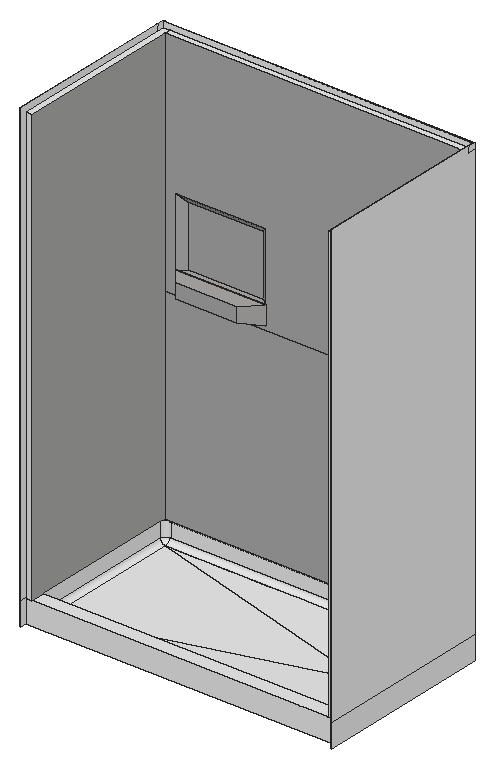
Revit family "5LBS5430.V2 L-R", category Plumbing Fixtures, Revit 2019
Family settings
  Round Connector Dimension = Use Diameter
  Part Type = Normal
  OmniClass Number = 23.45.05.14.17
  OmniClass Title = Showers
  Work Plane-Based = No
  Always vertical = Yes
  Cut with Voids When Loaded = No
  Shared = No
  Room Calculation Point = No
Parameters (values of type "5LBS5430.V2 L/R")
  Unit Width = 54"
  Unit Height = 80 1/2"
  Unit Depth = 31"
  URL = "http://www.bestbath.com/"
  Type Comments = "Remodeler"
  Model = "5LBS5430.V2 L/R"
  Material [instance] = Best Bath Gelcoat Fiberglass - 4 x 8 Subway Tile
  Manufacturer = "Best Bath Systems"
  Keynote = "22 40 00.B3"
  Description = "4 x 8 Subway Tile Finish"
  Assembly Code = "D2010710"
Reference planes (in)
  plane 1 "Back": y = -0.5
  plane 2: z = 0
  plane 3 "Left": x = 0
  plane 4: x = 54
  plane 5: y = -30.5
  plane 6: z = 79.5
  plane 7: z = 0.625
  plane 8: z = 80.5
  plane 9: x = 45.5
  plane 10: y = -1.75
  plane 11: y = -14.5
  plane 12: z = 0.25
  plane 13: z = 4
  plane 14: y = -31.5
  plane 15: z = 39.5
  plane 16: z = 43.5
Forms (in)
  Extrusion 1, solid, material "Best Bath Gelcoat Fiberglass - Smooth"
    sketch origin (0, 0, 0) x (1, 0, 0) y (0, 1, 0)
      loop
        line (0, -0.5) -> (0, -30.5) -> (54, -30.5) -> (54, -0.5) -> (0, -0.5)
      loop
        circle (45.5, -14.5) r 2.0625
    from 0 to 0.625
  Extrusion 2, solid, material "Best Bath Gelcoat Fiberglass - Smooth"
    sketch origin (0, 0, 0) x (1, 0, 0) y (0, 1, 0)
      loop
        line (1.25, -0.5) -> (1.25, -1.75) -> (52.75, -1.75) -> (52.75, -0.5) -> (1.25, -0.5)
    from 39.5 to 79.5
  Extrusion 3, solid, material "Best Bath Gelcoat Fiberglass - Smooth"
    sketch origin (0, 0, 0) x (1, 0, 0) y (0, 1, 0)
      loop
        line (0, -30.5) -> (1.25, -30.5) -> (1.25, -2.75)
        arc (1.25, -2.75) -> (1.54289, -2.04289) -> (2.25, -1.75) r 1
        line (2.25, -1.75) -> (51.75, -1.75)
        arc (51.75, -1.75) -> (52.45711, -2.04289) -> (52.75, -2.75) r 1
        line (52.75, -2.75) -> (52.75, -30.5) -> (54, -30.5) -> (54, -0.5) -> (0, -0.5) -> (0, -30.5)
    from 0 to 4
  Extrusion 4, solid, material "Best Bath Gelcoat Fiberglass - Smooth"
    sketch origin (0, 0, 0) x (1, 0, 0) y (0, 1, 0)
      loop
        line (0, -30.5) -> (1.25, -30.5) -> (1.25, -0.5) -> (0, -0.5) -> (0, -30.5)
      loop
        line (52.75, -30.5) -> (54, -30.5) -> (54, -0.5) -> (52.75, -0.5) -> (52.75, -30.5)
    from 4 to 79.5
  Sweep 5, solid, material "Best Bath Gelcoat Fiberglass - Smooth"
    path origin (0, 0, 0) x (1, 0, 0) y (0, 1, 0)
      loop
        line (1.25, -30.5) -> (1.25, -2.75)
        arc (1.25, -2.75) -> (1.54289, -2.04289) -> (2.25, -1.75) r 1
        line (2.25, -1.75) -> (51.75, -1.75)
        arc (51.75, -1.75) -> (52.45711, -2.04289) -> (52.75, -2.75) r 1
        line (52.75, -2.75) -> (52.75, -30.5)
    profile origin (1.25, -16.625, 0) x (-1, 0, 0) y (0, 0, 1)
      loop
        line (0, 0.625) -> (0, 1.525)
        arc (0, 1.525) -> (-0.2636, 0.8886) -> (-0.9, 0.625) r 0.9
        line (-0.9, 0.625) -> (0, 0.625)
  Blend 6, void
    base sketch origin (0, 0, 0) x (1, 0, 0) y (0, 1, 0)
      loop
        line (2.25, -27.5) -> (51.75, -27.5) -> (51.75, -2.75) -> (2.25, -2.75) -> (2.25, -27.5)
    top sketch origin (0, 0, 0) x (1, 0, 0) y (0, 1, 0)
      loop
        circle (45.5, -14.5) r 0.05278
    from 0.625 to 0.25
  Sweep 7, solid, material "Best Bath Gelcoat Fiberglass - Smooth"
    path origin (0, 0, 0) x (1, 0, 0) y (0, 1, 0)
      loop
        line (1.25, -30.5) -> (52.75, -30.5)
    profile origin (27, -30.5, 0) x (0, 1, 0) y (0, 0, 1)
      loop
        line (0, 0) -> (3.11628, 0) -> (2.37209, 4) -> (0, 4) -> (0, 0)
  Extrusion 8, solid, material "Best Bath Gelcoat Fiberglass - Smooth"
    sketch origin (0, 0, 0) x (1, 0, 0) y (0, 1, 0)
      loop
        line (0, -30.5) -> (0, -31.5) -> (0.125, -31.5) -> (0.125, -30.5) -> (0, -30.5)
      loop
        line (54, -30.5) -> (53.875, -30.5) -> (53.875, -31.5) -> (54, -31.5) -> (54, -30.5)
    from 0 to 4
  Extrusion 9, solid, material "Best Bath Gelcoat Fiberglass - Smooth"
    sketch origin (0, 0, 0) x (1, 0, 0) y (0, 1, 0)
      loop
        line (0, -0.5) -> (0, -1.75) -> (0.125, -1.75) -> (0.125, -0.625) -> (53.875, -0.625) -> (53.875, -1.75) -> (54, -1.75) -> (54, -0.5) -> (0, -0.5)
    from 79.5 to 80.5
  Extrusion 10, solid, material "Best Bath Gelcoat Fiberglass - Smooth"
    sketch origin (0, 0, 0) x (1, 0, 0) y (0, 1, 0)
      loop
        line (0, -31.5) -> (0.125, -31.5) -> (0.125, -1.75) -> (0, -1.75) -> (0, -31.5)
      loop
        line (54, -31.5) -> (54, -1.75) -> (53.875, -1.75) -> (53.875, -31.5) -> (54, -31.5)
    from 4 to 80.5
  Blend 11, void
    base sketch origin (-5, -38.5, 1.75) x (1, 0, 0) y (0, 0, 1)
      loop
        line (55.75, 41.75) -> (55.75, 53.5) -> (40.25, 53.5) -> (40.25, 41.75) -> (55.75, 41.75)
    top sketch origin (-5, -38.5, 1.75) x (1, 0, 0) y (0, 0, 1)
      loop
        line (54.5, 41.75) -> (54.5, 52.25) -> (41.5, 52.25) -> (41.5, 41.75) -> (54.5, 41.75)
    from -36.75 to -37.75
  Blend 12, solid, material "Best Bath Gelcoat Fiberglass - Smooth"
    base sketch origin (-5, -38, 1.75) x (1, 0, 0) y (0, 0, 1)
      loop
        line (40.25, 41.75) -> (40.25, 38.375) -> (55.75, 38.375) -> (55.75, 41.75) -> (40.25, 41.75)
    top sketch origin (-5, -38, 1.75) x (1, 0, 0) y (0, 0, 1)
      loop
        line (53.25, 41.75) -> (42.75, 41.75) -> (42.75, 39.375) -> (53.25, 39.375) -> (53.25, 41.75)
    from -36.25 to -33.25
  Blend 13, void
    base sketch origin (-37, -38.5, 1.75) x (1, 0, 0) y (0, 0, 1)
      loop
        line (40.25, 41.75) -> (55.75, 41.75) -> (55.75, 53.5) -> (40.25, 53.5) -> (40.25, 41.75)
    top sketch origin (-37, -38.5, 1.75) x (1, 0, 0) y (0, 0, 1)
      loop
        line (41.5, 41.75) -> (54.5, 41.75) -> (54.5, 52.25) -> (41.5, 52.25) -> (41.5, 41.75)
    from -36.75 to -37.75
  Blend 14, solid, material "Best Bath Gelcoat Fiberglass - Smooth"
    base sketch origin (-37, -38, 1.75) x (1, 0, 0) y (0, 0, 1)
      loop
        line (55.75, 41.75) -> (40.25, 41.75) -> (40.25, 38.375) -> (55.75, 38.375) -> (55.75, 41.75)
    top sketch origin (-37, -38, 1.75) x (1, 0, 0) y (0, 0, 1)
      loop
        line (42.62431, 41.75) -> (42.62431, 39.375) -> (53.25, 39.375) -> (53.25, 41.75) -> (42.62431, 41.75)
    from -36.25 to -33.25
  Extrusion 15, solid, material "Best Bath Gelcoat Fiberglass - Smooth"
    sketch origin (0, 0, 0) x (1, 0, 0) y (0, 1, 0)
      loop
        line (1.25, -0.5) -> (1.25, -1.75) -> (52.75, -1.75) -> (52.75, -0.5) -> (1.25, -0.5)
    from 4 to 39.5
Cuts and joins
  Blend 6 cuts Extrusion 1
  Blend 6 cuts Extrusion 3
  Blend 6 cuts Sweep 5
  joined: Extrusion 1, Extrusion 3, Sweep 5, Sweep 7, Extrusion 8
  Blend 11, Blend 13 cuts Extrusion 2
  Blend 11, Blend 13 cuts Extrusion 9
  joined: Extrusion 2, Extrusion 9
  Blend 11 cuts Extrusion 4
  Blend 11 cuts Extrusion 10
  joined: Extrusion 4, Extrusion 10
Dimensions and locks (in)
  "Unit Width": plane 3 "Left" to plane 4
  locked: plane 7 to level at 0.625
  locked: plane 8 to plane 6 at 1
  "Unit Height": plane 8 to level
  locked: plane 1 "Back" to plane 11 at 14
  plane 10 to plane 1 "Back" = 1 1/4"
  locked: plane 7 to plane 12 at 0.375
  plane 13 to level = 4"
  locked: plane 5 to plane 14 at 1
  "Unit Depth": plane 14 to plane 1 "Back"
  plane 3 "Left" to plane 9 = 45 1/2"
  plane 9 to plane 4 = 8 1/2"
  Blend 14 to Blend 12 sketch curve = 16 1/2"
  locked: plane 15 to plane 13 at 35.5
  locked: plane 16 to level at 43.5
  aligned and locked: level to plane 2
  aligned and locked: Extrusion 1 to plane 7
  aligned and locked: plane 5 to Extrusion 1 sketch curve
  aligned and locked: plane 4 to Extrusion 1 sketch curve
  aligned and locked: Extrusion 2 sketch curve to Extrusion 1
  aligned and locked: Extrusion 2 sketch curve to plane 10
  aligned and locked: plane 11 to Extrusion 1 sketch curve
  aligned and locked: plane 9 to Extrusion 1 sketch curve
  aligned and locked: plane 13 to Extrusion 3
  aligned and locked: plane 6 to Extrusion 2
  aligned and locked: plane 6 to Extrusion 4
  aligned and locked: Sweep 5 sketch curve to plane 7
  aligned and locked: plane 11 to Blend 6 sketch curve
  aligned and locked: plane 9 to Blend 6 sketch curve
  aligned and locked: Extrusion 1 to Blend 6
  aligned and locked: Blend 6 to plane 12
  aligned and locked: Extrusion 9 to plane 6
  aligned and locked: plane 8 to Extrusion 9
  aligned and locked: Extrusion 10 to plane 13
  aligned and locked: plane 8 to Extrusion 10
  aligned and locked: plane 15 to Extrusion 15
  aligned and locked: Extrusion 2 to Extrusion 15
  aligned and locked: plane 16 to Blend 12
  aligned and locked: cut or joined group of Extrusion 2, Extrusion 9, Blend 11, Blend 13 to plane 16  (x2)
  aligned and locked: plane 16 to Blend 14
Automatic sketch dimensions
  Extrusion 1 sketch curve to plane 3 "Left" = 0"
  plane 1 "Back" to Extrusion 1 sketch curve = 0"
  plane 1 "Back" to Extrusion 3 sketch curve = 0"
  Extrusion 3 sketch curve to plane 3 "Left" = 0"
  Extrusion 3 sketch curve to plane 5 = 0"  (x2)
  Extrusion 3 sketch curve to plane 10 = 0"
  Extrusion 3 sketch curve to plane 4 = 0"
  plane 4 to Extrusion 3 sketch curve = 1 1/4"
  Extrusion 3 sketch curve to plane 10 = 1"
  plane 3 "Left" to Extrusion 3 sketch curve = 1 1/4"
  Extrusion 3 sketch curve to Extrusion 3 sketch curve = 1"
  Sweep 5 sketch curve to plane 10 = 0"
  plane 3 "Left" to Sweep 5 sketch curve = 1 1/4"
  Sweep 5 sketch curve to plane 10 = 1"  (x2)
  Sweep 5 sketch curve to plane 5 = 0"  (x2)
  plane 4 to Sweep 5 sketch curve = 2 1/4"
  Sweep 5 sketch curve to profile plane = 0"
  profile plane to Sweep 5 sketch curve = 0.9"
  Sweep 7 sketch curve to plane 5 = 0"
  plane 3 "Left" to Sweep 7 sketch curve = 1 1/4"
  plane 4 to Sweep 7 sketch curve = 1 1/4"
  Blend 6 sketch curve to plane 10 = 1"
  plane 3 "Left" to Blend 6 sketch curve = 2 1/4"
  plane 5 to Blend 6 sketch curve = 3"
  plane 4 to Blend 6 sketch curve = 2 1/4"
  Extrusion 8 sketch curve to plane 3 "Left" = 0"
  Extrusion 8 sketch curve to plane 14 = 0"  (x2)
  Extrusion 8 sketch curve to plane 5 = 0"  (x2)
  Extrusion 8 sketch curve to plane 4 = 0"
  plane 3 "Left" to Extrusion 8 sketch curve = 1/8"
  plane 4 to Extrusion 8 sketch curve = 1/8"
  plane 1 "Back" to Extrusion 4 sketch curve = 0"  (x2)
  Extrusion 4 sketch curve to plane 3 "Left" = 0"
  Extrusion 4 sketch curve to plane 5 = 0"  (x2)
  Extrusion 4 sketch curve to plane 4 = 0"
  plane 3 "Left" to Extrusion 4 sketch curve = 1 1/4"
  plane 4 to Extrusion 4 sketch curve = 1 1/4"
  plane 3 "Left" to Extrusion 2 sketch curve = 1 1/4"
  plane 4 to Extrusion 2 sketch curve = 1 1/4"
  Extrusion 10 sketch curve to plane 3 "Left" = 0"
  Extrusion 10 sketch curve to plane 14 = 0"  (x2)
  Extrusion 10 sketch curve to plane 10 = 0"  (x2)
  Extrusion 10 sketch curve to plane 4 = 0"
  plane 3 "Left" to Extrusion 10 sketch curve = 1/8"
  plane 4 to Extrusion 10 sketch curve = 1/8"
  plane 1 "Back" to Extrusion 9 sketch curve = 0"
  Extrusion 9 sketch curve to plane 3 "Left" = 0"
  Extrusion 9 sketch curve to plane 10 = 0"  (x2)
  Extrusion 9 sketch curve to plane 4 = 0"
  plane 3 "Left" to Extrusion 9 sketch curve = 1/8"
  Extrusion 9 sketch curve to Extrusion 9 sketch curve = 1/8"
  plane 1 "Back" to Extrusion 9 sketch curve = 1/8"
  plane 3 "Left" to Blend 14 sketch curve = 5.62431"
  Blend 14 sketch curve to Blend 14 sketch curve = 10.62569"
  plane 1 "Back" to Extrusion 15 sketch curve = 0"
  plane 3 "Left" to Extrusion 15 sketch curve = 1 1/4"
  Extrusion 15 sketch curve to plane 10 = 0"
  plane 3 "Left" to Extrusion 15 sketch curve = 52 3/4"
  plane 3 "Left" to Blend 14 sketch curve = 3 1/4"
  Blend 14 sketch curve to Blend 14 sketch curve = 15 1/2"
  plane 3 "Left" to Blend 13 sketch curve = 4 1/2"
  Blend 13 sketch curve to Blend 13 sketch curve = 13"
  plane 3 "Left" to Blend 13 sketch curve = 3 1/4"
  Blend 13 sketch curve to Blend 13 sketch curve = 15 1/2"
  plane 4 to Blend 12 sketch curve = 3 1/4"
  plane 9 to Blend 12 sketch curve = 7 3/4"
  Blend 12 sketch curve to plane 9 = 2 3/4"
  plane 9 to Blend 11 sketch curve = 10 1/4"
  plane 4 to Blend 11 sketch curve = 3 1/4"
  plane 9 to Blend 11 sketch curve = 9"
  Blend 11 sketch curve to plane 9 = 4"
  Sweep 7 sketch curve to profile plane = 0"
  Sweep 7 sketch curve to level = 0"
  Sweep 7 sketch curve to profile plane = 2.37209"
  Sweep 7 sketch curve to profile plane = 3.11628"
  level to Sweep 7 sketch curve = 4"
  Blend 11 sketch curve to Blend 11 sketch curve = 11 3/4"
  Blend 11 sketch curve to Blend 11 sketch curve = 10 1/2"
  Blend 13 sketch curve to Blend 13 sketch curve = 11 3/4"
  Blend 13 sketch curve to Blend 13 sketch curve = 10 1/2"
  Blend 12 sketch curve to Blend 12 sketch curve = 3 3/8"
  Blend 12 sketch curve to Blend 12 sketch curve = 2 3/8"
  Blend 14 sketch curve to Blend 14 sketch curve = 3 3/8"
  Blend 14 sketch curve to Blend 14 sketch curve = 2 3/8"
  Blend 11 sketch curve to plane 6 = 36"  (x2)
  Blend 12 sketch curve to plane 6 = 39 3/8"
  Blend 12 sketch curve to plane 6 = 38 3/8"
  Blend 13 sketch curve to plane 6 = 36"  (x2)
  Blend 14 sketch curve to plane 6 = 39 3/8"
  Blend 14 sketch curve to plane 6 = 38 3/8"
  radius of Extrusion 1 sketch curve = 2 1/16"
  radius of Blend 6 sketch curve = 0.05278"
